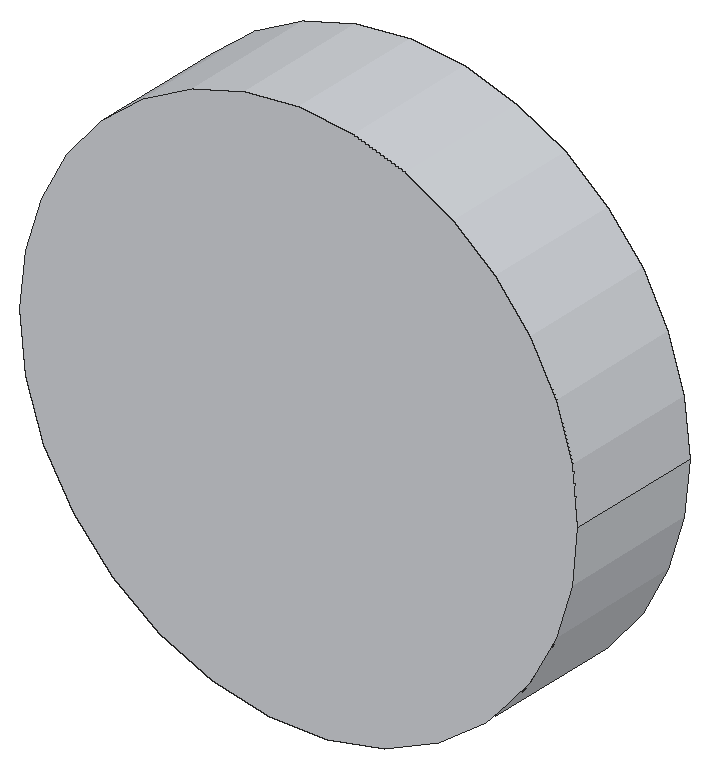
Revit family "EF-U_Existing Ckt Placeholder_CED", category Electrical Fixtures, Revit 2022
Family settings
  Round Connector Dimension = Use Diameter
  Part Type = Normal
  OmniClass Number = 23.80.00.00
  OmniClass Title = Electric Power and Lighting
  Work Plane-Based = No
  Always vertical = No
  Cut with Voids When Loaded = No
  Maintain Annotation Orientation = No
  Shared = No
  Room Calculation Point = Yes
Parameters (values of type "480V/3P")
  Watts_CED [instance] = (Apparent Load_CED / 1 W) * Power Factor_CED * 1 W  # 0 W
  Wattage Input_CED [instance] = 0 W
  Watermark_CEDT = "Property of Coolsys Energy Design"  # constant formula
  Voltage_CED [instance] = Connector Voltage  # 480 V
  Symbol Visible_CED = yes
  Radius = 0' - 0 1/2"
  Power Factor_CED [instance] = 1
  Phase_CED [instance] = if(Number of Poles_CED = 3, 3, 1)  # 3
  OCPD Rating_CED [instance] = 0 A
  Number of Poles_CED [instance] = Connector Number of Poles  # 3
  Load Classification_CED [instance] = EX
  Filter_CEDT [instance] = "Power"
  FLA_CED [instance] = (Apparent Load_CED / 1 VA) / (Voltage_CED / 1 V) / sqrt(Phase_CED) * 1 A  # 0 A
  FLA Input_CED [instance] = 0 A
  Equipment Type_CEDT = ""
  Equipment ID_CEDT [instance] = ""
  Default Elevation = 0' - 0"
  Connector Voltage = 480 V
  Connector Number of Poles = 3
  Apparent Load_CED [instance] = if(Apparent Load Input_CED > 0 VA, Apparent Load Input_CED / 1 VA, if(FLA Input_CED > 0 A, (FLA Input_CED / 1 A) * (Voltage_CED / 1 V) * (sqrt(Phase_CED)), if(Wattage Input_CED > 0 VA, (Wattage Input_CED / 1 VA) / Power Factor_CED, 0))) * 1 VA  # 0 VA
  Apparent Load Input_CED [instance] = 0 VA
  Ampacity Rating_CED [instance] = 0 A
Types (6): name | Voltage_CED | Phase_CED | Number of Poles_CED | Connector Voltage | Connector Number of Poles
  120V/1P | 120 V | 1 | 1 | 120 V | 1
  208V/2P | 208 V | 1 | 2 | 208 V | 2
  208V/3P | 208 V | 3 | 3 | 208 V | 3
  277V/1P | 277 V | 1 | 1 | 277 V | 1
  480V/2P | 480 V | 1 | 2 | 480 V | 2
  480V/3P | 480 V | 3 | 3 | 480 V | 3
Reference planes (in)
  plane 1 "Center Elevation": z = 0
  plane 2 "Center (Left/Right)": x = 0
  plane 3 "Connector Plane": y = -0.25
  plane 4: y = 0
Forms (in)
  Extrusion 1, solid, visible <- "Symbol Visible_CED", detail levels fine
    sketch origin (-0.02745, -0.08033, 0.39428) x (1, 0, 0) y (0, 0, 1)
      loop
        circle (0.02745, -0.18895) r 0.5
    from -0.08033 to 0.16967
Dimensions and locks (in)
  "Radius": radius of Extrusion 1 sketch curve
  aligned and locked: level to plane 1 "Center Elevation"
  aligned and locked: plane 3 "Connector Plane" to Extrusion 1
  aligned and locked: plane 4 to Extrusion 1
Nested families (in)
  nested 1: "E_SYM-Electrical Connection" at (0, -0.08033, 0), visible <- "Symbol Visible_CED", type "E_SYM-Electrical Connection"
Connectors (in)
  electrical at (0, -0.25, 0), driven by "Connector Number of Poles", driven by "Load Classification_CED", driven by "Connector Voltage", driven by "Apparent Load_CED", driven by "Power Factor_CED"
    settings: index 1, voltage 480 V, apparent load 0 VA, apparent load phase1 0 VA, apparent load phase2 0 VA, apparent load phase3 0 VA, power factor 1, load classification "EX", number of poles 3, system type 30, power factor state 1, is connector primary yes, connector utility no, sub classification motor no, connector description ""
Definition of nested family "E_SYM-Electrical Connection"
  Reference planes (in)
    plane 1: y = 0
    plane 2: x = 0
  Lines and regions (in)
    detail lines
      curve 1: circle (0, 0, 0) r 0.02083 normal (0, 0, 1)
      curve 2: line (-0.02083, 0, 0) -> (0.02083, 0, 0)
      curve 3: line (0, 0.02083, 0) -> (0, -0.02083, 0)
